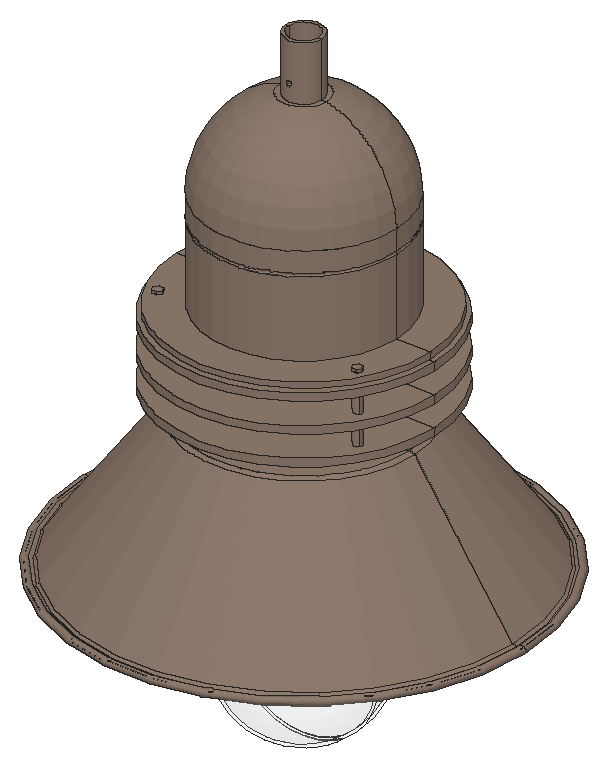
Revit family "BVA07-PDLC", category Generic Models, Revit 2014
Parameters
  REFLECTIVE WHITE = Paint
  GLASS = Glass
  DETAIL = Bronze, Architectural
  BELL = Bronze, Architectural
Reference planes (in)
  plane 1 "Center (Front/Back)": y = 0
  plane 2: z = 0
  plane 3 "Center (Left/Right)": x = 0
Forms (in)
  Revolve 1, solid, material "Paint" <- "REFLECTIVE WHITE"
    sketch origin (-0.01182, 0, -0.03556) x (1, 0, 0) y (0, 0, 1)
      loop
        line (-5.32328, 4.30533) -> (-6.193, 4.30533)
        arc (-6.193, 4.30533) -> (-6.45286, 4.24875) -> (-6.66567, 4.08924) r 0.625
        line (-6.66567, 4.08924) -> (-9.53358, 0.20025)
        arc (-9.53358, 0.20025) -> (-9.56789, 0.16037) -> (-9.60777, 0.12606) r 0.35109
        line (-9.60777, 0.12606) -> (-9.43298, 0.12606) -> (-6.56812, 4.01092)
        arc (-6.56812, 4.01092) -> (-6.3988, 4.13601) -> (-6.193, 4.18033) r 0.5
        line (-6.193, 4.18033) -> (-5.32328, 4.18033) -> (-5.32328, 4.30533)
      axis (0, 0.12606) -> (0, 4.30533)
    angle from 0 to 360
  Revolve 2, solid, material "Paint" <- "REFLECTIVE WHITE"
    sketch origin (-0.01182, 0, -0.03556) x (1, 0, 0) y (0, 0, 1)
      loop
        line (-3.84586, 4.18033) -> (-6.193, 4.18033) -> (-6.193, 4.05533) -> (-3.84586, 4.05533) -> (-3.84586, 4.18033)
      axis (0, 4.18033) -> (0, 4.05533)
    angle from 0 to 360
  Revolve 3, solid, material "Glass" <- "GLASS"
    sketch origin (-0.01182, 0, -0.03556) x (1, 0, 0) y (0, 0, 1)
      loop
        line (-4.37778, 4.30533) -> (-4.37778, 4.18033) -> (-3.84586, 4.18033) -> (-3.49926, -3.53916)
        arc (-3.49926, -3.53916) -> (-2.42051, -5.9129) -> (0, -6.88217) r 3.5
        line (0, -6.88217) -> (0, -6.75717)
        arc (0, -6.75717) -> (-2.33413, -5.82255) -> (-3.37438, -3.53355) r 3.375
        line (-3.37438, -3.53355) -> (-3.72635, 4.30533) -> (-4.37778, 4.30533)
      axis (0, 4.30533) -> (0, -6.88217)
    angle from 0 to 360
  Revolve 4, solid, material "Bronze, Architectural" <- "BELL"
    sketch origin (0.00016, 0, 0.00026) x (1, 0, 0) y (0, 0, 1)
      loop
        line (-0.69, 19.49004) -> (-1.0625, 19.49004)
        arc (-1.0625, 19.49004) -> (-3.35992, 17.97758) -> (-4.25, 15.375) r 4.25
        line (-4.25, 15.375) -> (-4.25, 14.4375)
        arc (-4.25, 14.4375) -> (-4.21143, 14.375) -> (-4.25, 14.3125) r 0.06992
        line (-4.25, 14.3125) -> (-4.25, 10.875) -> (-4.125, 10.875) -> (-4.125, 14.2586)
        arc (-4.125, 14.2586) -> (-4.08643, 14.375) -> (-4.125, 14.4914) r 0.19492
        line (-4.125, 14.4914) -> (-4.125, 15.375)
        arc (-4.125, 15.375) -> (-3.26592, 17.8948) -> (-1.0465, 19.36504) r 4.125
        line (-1.0465, 19.36504) -> (-0.69, 19.36504) -> (-0.69, 19.49004)
      axis (0, 19.49004) -> (0, 10.875)
    angle from 0 to 360
  Revolve 5, solid, material "Bronze, Architectural" <- "BELL"
    sketch origin (0.00016, 0, 0.00026) x (1, 0, 0) y (0, 0, 1)
      loop
        line (-4.125, 10.875) -> (-5.8125, 10.875) -> (-5.8125, 10.625) -> (-4.125, 10.625) -> (-4.125, 10.875)
      axis (0, 10.875) -> (0, 10.625)
    angle from 0 to 360
  Revolve 6, solid, material "Bronze, Architectural" <- "DETAIL"
    sketch origin (0.00016, 0, 0.00026) x (1, 0, 0) y (0, 0, 1)
      loop
        line (-4.02812, 10.53125) -> (-6, 10.53125) -> (-6, 10.1875) -> (-4.02812, 10.1875) -> (-4.02812, 10.53125)
      loop
        line (-4.02812, 9.1875) -> (-6, 9.1875) -> (-6, 8.84375) -> (-4.02812, 8.84375) -> (-4.02812, 9.1875)
      loop
        line (-4.02812, 7.84375) -> (-6, 7.84375) -> (-6, 7.5) -> (-4.02812, 7.5) -> (-4.02812, 7.84375)
      axis (0, 10.53125) -> (0, 7.5)
    angle from 0 to 360
  Revolve 7, solid, material "Bronze, Architectural" <- "DETAIL"
    sketch origin (0.00016, 0, 0.00026) x (0, -1, 0) y (0, 0, 1)
      loop
        line (-5.28051, 7.5) -> (-5.28051, 10.875) -> (-5.46801, 10.875) -> (-5.46801, 7.5) -> (-5.28051, 7.5)
      axis (-5.28051, 10.875) -> (-5.28051, 7.5)
    angle from 0 to 360
  Revolve 8, solid, material "Bronze, Architectural" <- "BELL"
    sketch origin (0.00016, 0, 0.00026) x (1, 0, 0) y (0, 0, 1)
      loop
        line (-0.83, 21.99004) -> (-0.83, 19.49004) -> (-0.69, 19.49004) -> (-0.69, 21.99004) -> (-0.83, 21.99004)
      axis (0, 21.99004) -> (0, 19.49004)
    angle from 0 to 360
  Extrusion 9, void
    sketch origin (0.00016, 0, 0.00026) x (1, 0, 0) y (0, 0, 1)
      loop
        circle (0, 20.24004) r 0.12446
    from -0.88595 to 0.88079
  Extrusion 10, solid, material "Bronze, Architectural" <- "DETAIL"
    sketch origin (0.00016, 0, 0.00026) x (0, -1, 0) y (1, 0, 0)
      loop
        line (-5.09301, 0.10825) -> (-5.28051, 0.21651) -> (-5.46801, 0.10825) -> (-5.46801, -0.10825) -> (-5.28051, -0.21651) -> (-5.09301, -0.10825) -> (-5.09301, 0.10825)
    from 10.875 to 11
  Extrusion 11, solid, material "Bronze, Architectural" <- "DETAIL"
    sketch origin (0.00016, 0, 0.00026) x (0, -1, 0) y (1, 0, 0)
      loop
        line (-5.09301, 0.10825) -> (-5.28051, 0.21651) -> (-5.46801, 0.10825) -> (-5.46801, -0.10825) -> (-5.28051, -0.21651) -> (-5.09301, -0.10825) -> (-5.09301, 0.10825)
    from 7.375 to 7.5
  Revolve 12, solid, material "Bronze, Architectural" <- "DETAIL"
    sketch origin (0.00016, 0, 0.00026) x (-0.866025, 0.5, 0) y (0, 0, 1)
      loop
        line (-5.28051, 7.5) -> (-5.28051, 10.875) -> (-5.46801, 10.875) -> (-5.46801, 7.5) -> (-5.28051, 7.5)
      axis (-5.28051, 10.875) -> (-5.28051, 7.5)
    angle from 0 to 360
  Extrusion 13, solid, material "Bronze, Architectural" <- "DETAIL"
    sketch origin (0.00016, 0, 0.00026) x (-0.866025, 0.5, 0) y (-0.5, -0.866025, 0)
      loop
        line (-5.09301, 0.10825) -> (-5.28051, 0.21651) -> (-5.46801, 0.10825) -> (-5.46801, -0.10825) -> (-5.28051, -0.21651) -> (-5.09301, -0.10825) -> (-5.09301, 0.10825)
    from 10.875 to 11
  Extrusion 14, solid, material "Bronze, Architectural" <- "DETAIL"
    sketch origin (0.00016, 0, 0.00026) x (-0.866025, 0.5, 0) y (-0.5, -0.866025, 0)
      loop
        line (-5.09301, 0.10825) -> (-5.28051, 0.21651) -> (-5.46801, 0.10825) -> (-5.46801, -0.10825) -> (-5.28051, -0.21651) -> (-5.09301, -0.10825) -> (-5.09301, 0.10825)
    from 7.375 to 7.5
  Revolve 15, solid, material "Bronze, Architectural" <- "DETAIL"
    sketch origin (0.00016, 0, 0.00026) x (0.866025, 0.5, 0) y (0, 0, 1)
      loop
        line (-5.28051, 7.5) -> (-5.28051, 10.875) -> (-5.46801, 10.875) -> (-5.46801, 7.5) -> (-5.28051, 7.5)
      axis (-5.28051, 10.875) -> (-5.28051, 7.5)
    angle from 0 to 360
  Extrusion 16, solid, material "Bronze, Architectural" <- "DETAIL"
    sketch origin (0.00016, 0, 0.00026) x (0.866025, 0.5, 0) y (-0.5, 0.866025, 0)
      loop
        line (-5.09301, 0.10825) -> (-5.28051, 0.21651) -> (-5.46801, 0.10825) -> (-5.46801, -0.10825) -> (-5.28051, -0.21651) -> (-5.09301, -0.10825) -> (-5.09301, 0.10825)
    from 10.875 to 11
  Extrusion 17, solid, material "Bronze, Architectural" <- "DETAIL"
    sketch origin (0.00016, 0, 0.00026) x (0.866025, 0.5, 0) y (-0.5, 0.866025, 0)
      loop
        line (-5.09301, 0.10825) -> (-5.28051, 0.21651) -> (-5.46801, 0.10825) -> (-5.46801, -0.10825) -> (-5.28051, -0.21651) -> (-5.09301, -0.10825) -> (-5.09301, 0.10825)
    from 7.375 to 7.5
  Revolve 18, solid, material "Glass" <- "GLASS"
    sketch origin (0.00097, 0, 0.0003) x (1, 0, 0) y (0, 0, 1)
      loop
        line (-0.00081, 6.37497) -> (4.12419, 6.37497) -> (4.12419, 10.62497) -> (-0.00081, 10.62497) -> (-0.00081, 6.37497)
      axis (-0.00081, 10.62497) -> (-0.00081, 6.37497)
    angle from 0 to 360
  Revolve 19, solid, material "Bronze, Architectural" <- "BELL"
    sketch origin (0.00097, 0, 0.0003) x (1, 0, 0) y (0, 0, 1)
      loop
        line (4.02813, 6.5) -> (4.02813, 6.375) -> (4.87357, 6.375)
        arc (4.87357, 6.375) -> (4.92998, 6.36155) -> (4.97425, 6.32408) r 0.125
        line (4.97425, 6.32408) -> (9.49726, 0.17708)
        arc (9.49726, 0.17708) -> (9.57445, 0.09955) -> (9.66595, 0.03956) r 0.52882
        arc (9.66595, 0.03956) -> (9.82887, -0.0156) -> (9.99978, -0.035) r 0.80764
        arc (9.99978, -0.035) -> (10.1427, 0.20022) -> (9.86787, 0.21522) r 0.16042
        line (9.86787, 0.21522) -> (9.97145, 0.14524)
        arc (9.97145, 0.14524) -> (10.03213, 0.14193) -> (10.00057, 0.09) r 0.03542
        arc (10.00057, 0.09) -> (9.85748, 0.10609) -> (9.72095, 0.15185) r 0.68264
        arc (9.72095, 0.15185) -> (9.65343, 0.19644) -> (9.59616, 0.25359) r 0.40382
        line (9.59616, 0.25359) -> (5.07493, 6.39816)
        arc (5.07493, 6.39816) -> (4.98639, 6.47309) -> (4.87357, 6.5) r 0.25
        line (4.87357, 6.5) -> (4.02813, 6.5)
      axis (0, 6.5) -> (0, -0.035)
    angle from 0 to 360
Cuts and joins
  Extrusion 9 cuts Revolve 8
Dimensions and locks (in)
  aligned and locked: plane 2 to level
